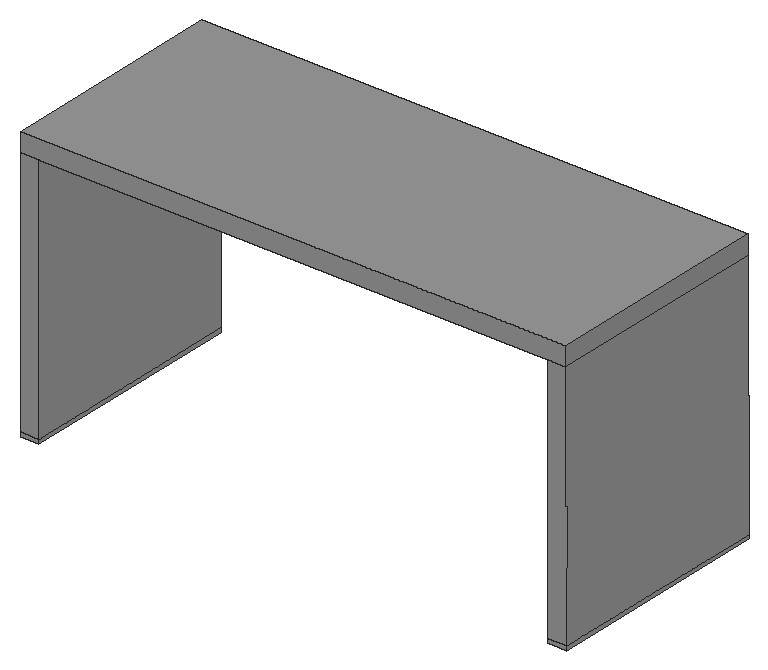
Revit family "Cocoon Community Table 30x72x36", category Generic Models, Revit 2018
Family settings
  Can host rebar = No
  Round Connector Dimension = Use Diameter
  Part Type = Normal
  Work Plane-Based = No
  Always vertical = Yes
  Cut with Voids When Loaded = No
  Shared = No
  Room Calculation Point = No
Parameters
  Frame = Cocoon Community Table 30x72x36 Frame
  Surface = Cocoon Community Table 30x72x36 Surface
Reference planes (in)
  plane 1 "Center (Front/Back)": y = 0
  plane 2: z = 0
  plane 3 "Center (Left/Right)": x = 0
Forms (in)
  Extrusion 1, solid, material "Cocoon Community Table 30x72x36 Frame" <- "Frame"
    sketch origin (0, 0, 0) x (1, 0, 0) y (0, 0, 1)
      loop
        line (-36, 0.5) -> (-36, 0) -> (-33.5, 0) -> (-33.5, 0.5) -> (-36, 0.5)
      loop
        line (36, 0.5) -> (33.5, 0.5) -> (33.5, 0) -> (36, 0) -> (36, 0.5)
    from -15 to 15
  Extrusion 2, solid, material "Cocoon Community Table 30x72x36 Surface" <- "Surface"
    sketch origin (0, 0, 7) x (1, 0, 0) y (0, 0, 1)
      loop
        line (-36, 29) -> (-36, 26.5) -> (36, 26.5) -> (36, 29) -> (-36, 29)
    from -15 to 15
  Extrusion 3, solid, material "Cocoon Community Table 30x72x36 Frame" <- "Frame"
    sketch origin (0, 0, 0) x (1, 0, 0) y (0, 0, 1)
      loop
        line (-36, 33.5) -> (-36, 0.5) -> (-33.5, 0.5) -> (-33.5, 33.5) -> (-36, 33.5)
      loop
        line (33.5, 33.5) -> (33.5, 0.5) -> (36, 0.5) -> (36, 33.5) -> (33.5, 33.5)
    from -15 to 15
Dimensions and locks (in)
  aligned and locked: level to plane 2
